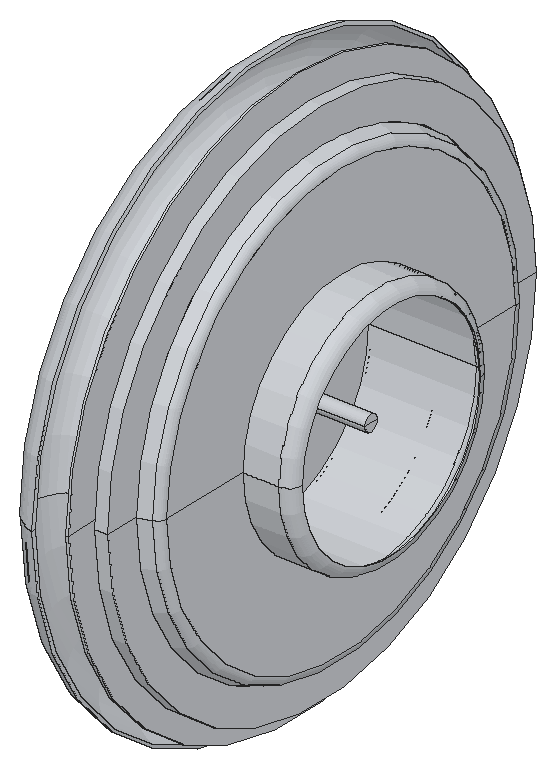
Revit family "BARF", category Air Terminals, Revit 2012
Parameters (values of type "BARF-100")
  a = A / 2  # 1 31/32"
  URL = ""
  Mínima velocidad de cuello = 0 FPM
  Mínima presión estática = 0.00 in-wg
  Máximo nivel de ruido (NC) = ""
  Máxima velocidad de cuello = 0 FPM
  Máxima presión estática = 0.00 in-wg
  Min Flow = 0 CFM
  Max Flow = 0 CFM
  Material = ""
  Manufacturer = ""
  Hole = a - 3" / 16  # 1 25/32"
  Cuello = ""
  A = 3 15/16"
Types (4): name | a | URL | Máximo nivel de ruido (NC) | Manufacturer | Hole | A
  (no name) | 1 31/32" | "" | "" | "" | 1 25/32" | 3 15/16"
  BARF-100 | 1 31/32" | "" | "" | "" | 1 25/32" | 3 15/16"
  BARF-150 | 2 61/64" | "" | "" | "" | 2 49/64" | 5 29/32"
  BARF-200 | 3 15/16" | "http://www.innes.com.mx" | "32" | "INNES" | 3 3/4" | 7 7/8"
Reference planes (in)
  plane 1 "Center (Front/Back)": y = 0
  plane 2: z = 0
  plane 3 "Center (Left/Right)": x = 0
  plane 4 "Tras": x = 1.5
Forms (in)
  Revolve 1, solid
    sketch origin (0, 0, 0) x (1, 0, 0) y (0, 1, 0)
      loop
        arc (1.49148, 1.75173) -> (1.42798, 1.90518) -> (1.27455, 1.96875) r 0.21693
        line (1.27455, 1.96875) -> (0.6964, 1.96875) -> (0.6964, 3.4673)
        arc (0.6964, 3.4673) -> (0.66753, 3.55819) -> (0.5915, 3.61575) r 0.15748
        line (0.5915, 3.61575) -> (0.38015, 3.6906) -> (0.38015, 4.24788) -> (0.17148, 4.24788) -> (0.17148, 3.7645) -> (0.02173, 3.81754) -> (0.02173, 3.8906) -> (0.02173, 4.58253) -> (-0.01351, 4.58253) -> (-0.01351, 3.8906) -> (-0.01351, 3.83002) -> (-0.19596, 3.89464)
        arc (-0.19596, 3.89464) -> (-0.23183, 3.88968) -> (-0.24848, 3.85753) r 0.03937
        line (-0.24848, 3.85753) -> (-0.24848, 3.53734) -> (-0.39828, 3.5904)
        arc (-0.39828, 3.5904) -> (-0.86777, 4.15536) -> (-0.39828, 4.72032) r 0.57467
        line (-0.39828, 4.72032) -> (-0.407, 4.76716)
        arc (-0.407, 4.76716) -> (-0.9154, 4.15726) -> (-0.41074, 3.54427) r 0.62231
        line (-0.41074, 3.54427) -> (0.08617, 3.36828) -> (0.08617, 3.10386)
        arc (0.08617, 3.10386) -> (0.37956, 2.73864) -> (0.08617, 2.37341) r 0.37402
        line (0.08617, 2.37341) -> (0.08617, 1.96875) -> (-0.38942, 1.96875) -> (-0.38942, 2.23899) -> (-0.38942, 2.48607) -> (-0.4223, 2.48607) -> (-0.4223, 2.23899) -> (-0.4223, 1.94473) -> (1.27455, 1.94473)
        arc (1.27455, 1.94473) -> (1.41102, 1.88817) -> (1.46747, 1.75165) r 0.19291
        line (1.46747, 1.75165) -> (1.46747, 0.03489) -> (1.41397, 0.03489) -> (1.41397, 0) -> (1.49148, 0) -> (1.49148, 1.75173)
      loop
        arc (-1.12597, 3.26672) -> (-1.22996, 1.77545) -> (-1.2721, 0.28116) r 36.09024
        line (-1.2721, 0.28116) -> (-1.19336, 0.28116) -> (-1.19336, 0.12335) -> (-0.83379, 0.12335) -> (-0.83379, 3.3405) -> (-0.89992, 3.37967)
        arc (-0.89992, 3.37967) -> (-1.04417, 3.38567) -> (-1.12597, 3.26672) r 0.14921
      loop
        arc (-1.17342, 3.27102) -> (-1.28415, 1.63718) -> (-1.32075, 0) r 36.13788
        line (-1.32075, 0) -> (1.16526, 0) -> (1.16526, 0.12335) -> (-0.80904, 0.12335) -> (-0.80904, 3.3812) -> (-0.87517, 3.41162)
        arc (-0.87517, 3.41162) -> (-1.06237, 3.42208) -> (-1.17342, 3.27102) r 0.19685
      axis (-1.32075, 0) -> (1.49148, 0)
    angle from 0 to 360
  Extrusion 2, void
    sketch origin (1.5, 0, 0) x (0, 1, 0) y (0, 0, 1)
      loop
        circle (0, 0) r 1.78125
    from 0 to -0.08603
Cuts and joins
  Extrusion 2 cuts Revolve 1
Dimensions and locks (in)
  Revolve 1 sketch curve to Revolve 1 sketch curve = 0.02402"  (x2)
  Revolve 1 sketch curve to Revolve 1 sketch curve = 0.89512"
  "a": Revolve 1 sketch curve to Revolve 1 sketch curve
  Revolve 1 sketch curve to Revolve 1 sketch curve = 0.51732"
  Revolve 1 sketch curve to Revolve 1 sketch curve = 0.04764"  (x2)
  Revolve 1 sketch curve to Revolve 1 sketch curve = 0.78495"
  Revolve 1 sketch curve to Revolve 1 sketch curve = 0.03287"
  Revolve 1 sketch curve to Revolve 1 sketch curve = 1.91378"
  locked: plane 3 "Center (Left/Right)" to plane 4 "Tras" at 1.5
  radius of Revolve 1 sketch curve = 0.14921"
  radius of Revolve 1 sketch curve = 0.19685"
  radius of Revolve 1 sketch curve = 0.19291"
  radius of Revolve 1 sketch curve = 0.21693"
  "Hole": radius of Extrusion 2 sketch curve
  aligned and locked: plane 2 to level
  aligned and locked: Revolve 1 sketch curve to Revolve 1 sketch curve
  aligned and locked: Extrusion 2 to Revolve 1
Automatic sketch dimensions
  Revolve 1 sketch curve to Revolve 1 sketch curve = 0"  (x10)
  plane 1 "Center (Front/Back)" to Revolve 1 sketch curve = 0"  (x3)
  Revolve 1 sketch curve to plane 3 "Center (Left/Right)" = 1.57374"
  Revolve 1 sketch curve to Revolve 1 sketch curve = 0.25299"
  Revolve 1 sketch curve to Revolve 1 sketch curve = 0.04865"
  Revolve 1 sketch curve to Revolve 1 sketch curve = 0.07874"
  Revolve 1 sketch curve to Revolve 1 sketch curve = 0.01994"
  Revolve 1 sketch curve to Revolve 1 sketch curve = 0.04744"
  Revolve 1 sketch curve to Revolve 1 sketch curve = 0.07754"
  Revolve 1 sketch curve to Revolve 1 sketch curve = 0.02476"  (x2)
  Revolve 1 sketch curve to Revolve 1 sketch curve = 0.06613"
  Revolve 1 sketch curve to plane 3 "Center (Left/Right)" = 0.4223"
  Revolve 1 sketch curve to plane 3 "Center (Left/Right)" = 0.41074"
  Revolve 1 sketch curve to plane 3 "Center (Left/Right)" = 0.407"
  Revolve 1 sketch curve to Revolve 1 sketch curve = 0.00872"
  Revolve 1 sketch curve to Revolve 1 sketch curve = 0.01246"
  Revolve 1 sketch curve to plane 3 "Center (Left/Right)" = 0.2931"
  Revolve 1 sketch curve to Revolve 1 sketch curve = 0.1498"
  Revolve 1 sketch curve to Revolve 1 sketch curve = 0.03937"
  Revolve 1 sketch curve to Revolve 1 sketch curve = 0.01314"
  Revolve 1 sketch curve to plane 3 "Center (Left/Right)" = 0.01351"
  plane 3 "Center (Left/Right)" to Revolve 1 sketch curve = 0.00555"
  plane 3 "Center (Left/Right)" to Revolve 1 sketch curve = 0.02173"
  plane 3 "Center (Left/Right)" to Revolve 1 sketch curve = 0.08617"  (x2)
  plane 3 "Center (Left/Right)" to Revolve 1 sketch curve = 0.17148"
  Revolve 1 sketch curve to Revolve 1 sketch curve = 0.20866"
  Revolve 1 sketch curve to Revolve 1 sketch curve = 0.15878"
  Revolve 1 sketch curve to Revolve 1 sketch curve = 0.05257"
  Revolve 1 sketch curve to plane 1 "Center (Front/Back)" = 0.12335"
  plane 3 "Center (Left/Right)" to Revolve 1 sketch curve = 1.16526"
  Revolve 1 sketch curve to Revolve 1 sketch curve = 0.57815"
  Revolve 1 sketch curve to Revolve 1 sketch curve = 0.24872"
  Revolve 1 sketch curve to Revolve 1 sketch curve = 0.35666"
  Revolve 1 sketch curve to plane 1 "Center (Front/Back)" = 0.01115"
  Revolve 1 sketch curve to plane 1 "Center (Front/Back)" = 0.03489"
  Revolve 1 sketch curve to Revolve 1 sketch curve = 0.00008"
  Revolve 1 sketch curve to Revolve 1 sketch curve = 0.24709"
  Revolve 1 sketch curve to Revolve 1 sketch curve = 0.40466"
  Revolve 1 sketch curve to Revolve 1 sketch curve = 0.36522"
  Revolve 1 sketch curve to Revolve 1 sketch curve = 0.26442"
  Revolve 1 sketch curve to Revolve 1 sketch curve = 0.09902"
  Revolve 1 sketch curve to Revolve 1 sketch curve = 0.16906"
  Revolve 1 sketch curve to Revolve 1 sketch curve = 0.00693"
  Revolve 1 sketch curve to Revolve 1 sketch curve = 0.04613"
  Revolve 1 sketch curve to Revolve 1 sketch curve = 0.07485"
  Revolve 1 sketch curve to Revolve 1 sketch curve = 0.0739"
  Revolve 1 sketch curve to Revolve 1 sketch curve = 0.05304"
  Revolve 1 sketch curve to Revolve 1 sketch curve = 0.01248"
  Revolve 1 sketch curve to Revolve 1 sketch curve = 0.02751"
  Revolve 1 sketch curve to Revolve 1 sketch curve = 0.06058"
  Revolve 1 sketch curve to Revolve 1 sketch curve = 0.26072"
  Revolve 1 sketch curve to Revolve 1 sketch curve = 0.35728"
  Revolve 1 sketch curve to Revolve 1 sketch curve = 0.33465"
  Revolve 1 sketch curve to Revolve 1 sketch curve = 0.14755"
  Revolve 1 sketch curve to Revolve 1 sketch curve = 0.00096"
  Extrusion 2 sketch curve to level = 0"
  Extrusion 2 sketch curve to plane 1 "Center (Front/Back)" = 0"
Connectors (in)
  hvac at (0.6964, 0, 0), driven by "a"
    settings: on Revolve 1, index 1, duct flow 0 CFM, flow factor 0, pres drop 0.00 in-wg, loss coef 0, conn angle 0.00°, conn width 12", conn height 12", conn radius 1 31/32", duct sys type 1, conn prof type 0, flow config 0, flow direction 0, loss method 0, conn ref index -1, conn util no, is conn primary yes, conn desc ""
